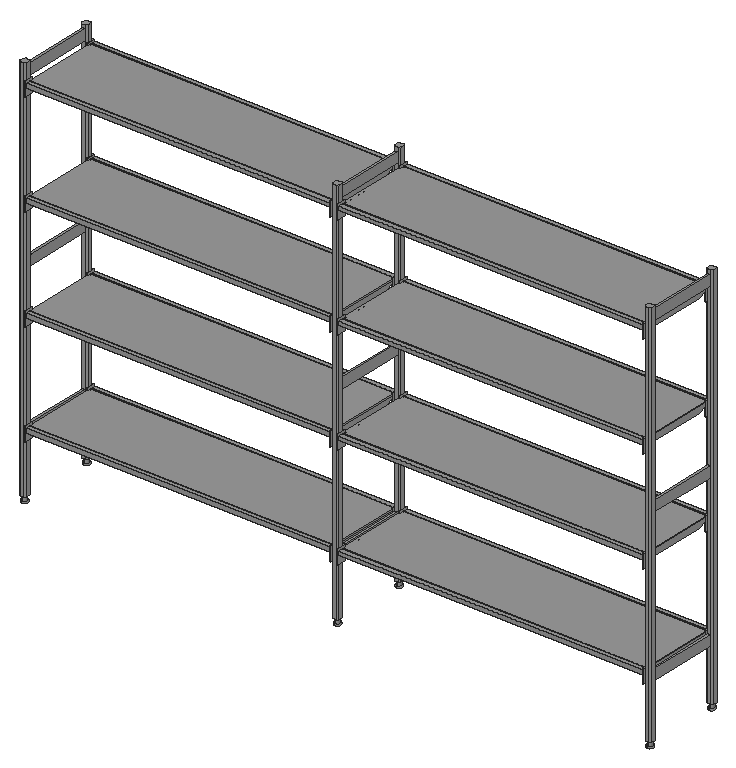
Revit family "QF_ELECTROLUXPROFESSIONAL_137028_ALS2760", category Attrezzature speciali, Revit 2020
Family settings
  Quota connettore circolare = Usa diametro
  Tipo di parte = Normale
  Basato su piano di lavoro = No
  Sempre verticale = Sì
  Taglio con vuoti quando caricato = No
  Condiviso = No
  Punto di calcolo locali = No
Parameters (values of type "Standard")
  Weight = 43.00 kg
  Watts = 0 W
  Volts = 0 V
  URL Manufacturer = "https://www.electroluxprofessional.com/"
  URL = "https://www.electroluxprofessional.com/"
  Steam Supply Size = 0 mm
  Steam Supply Minimum Pressure = 0.0 Pa
  Steam Supply Maximum Pressure = 0.0 Pa
  Steam Consumption per Hour = 0
  Refrigeration Suction Line Size = 0.0 mm
  Refrigeration Liquid Line Size = 0.0 mm
  Refrigerant Compressor Remote = yes
  Prospetto di default = 0.0 mm
  Phase = 0
  Modello = "ALS2760"
  Produttore = "Electrolux Professional"
  Length Actual = 2760.0 mm  # constant formula
  Item Number = "137028"
  Hot Water Size = 0 mm
  Height Actual = 1700.0 mm  # constant formula
  HP = "0 HP"
  Gas Size = 0 mm
  Gas KW = 0
  Gas Input Pressure = 0 W
  Direct Waste Size = 0 mm
  Descrizione = "ALUM.LINEAR SHELV.-POLY.TIERS-373X2760MM"
  Depth Actual = 373.0 mm  # constant formula
  Cycle = 0 Hz
  Condensate Return Size = 0 mm
  Compressed Air Volume = 0.0 L/s
  Compressed Air Size = 0 mm
  Compressed Air Pressure = 0.0 Pa
  Cold Water Size = 0 mm
  Accessory = yes
Reference planes
  plane 1: z = 0
  plane 2 "CenterLeft": x = -31
  plane 3 "LEFT": x = -417
  plane 4 "BACK": y = 23
  plane 5 "FRONT": y = -350
  plane 6 "TOP": z = 1700
  plane 7: x = -385
  plane 8: x = 945
  plane 9 "Center (Front/Back)": y = -163.5
  plane 10: y = -8.5
  plane 11: y = -318.5
  plane 12 "FEET": z = 25
  plane 13: z = 275
  plane 14: z = 725
  plane 15: z = 1175
  plane 16: z = 1625
  plane 17 "CXLeft": x = -403
  plane 18 "Center (Left/Right)": x = 963
  plane 19: y = 5.5
  plane 20 "CYBack": y = 5.5
  plane 21 "CYFront": y = -332.5
  plane 22 "RIGHT": x = 2343
  plane 23: x = 2311
  plane 24 "CXRight": x = 2329
  plane 25: x = 981
Forms (mm)
  Extrusion 1, solid, material "QF_Aluminum"
    sketch origin (-417, 0, -4.006) x (0, 1, 0) y (0, 0, 1)
      loop
        line (-12, 1637.003) -> (4, 1637.003) -> (4, 1655) -> (2.007, 1655) -> (2.007, 1648.501) -> (-329, 1648.501) -> (-329, 1655) -> (-331, 1655) -> (-331, 1637.003) -> (-315, 1637.003) -> (-281, 1625) -> (-46, 1625) -> (-12, 1637.003)
      loop
        line (-12, 1187.003) -> (4, 1187.003) -> (4, 1205) -> (2.007, 1205) -> (2.007, 1198.501) -> (-329, 1198.501) -> (-329, 1205) -> (-331, 1205) -> (-331, 1187.003) -> (-315, 1187.003) -> (-281, 1175) -> (-46, 1175) -> (-12, 1187.003)
      loop
        line (-12, 737.003) -> (4, 737.003) -> (4, 755) -> (2.007, 755) -> (2.007, 748.501) -> (-329, 748.501) -> (-329, 755) -> (-331, 755) -> (-331, 737.003) -> (-315, 737.003) -> (-281, 725) -> (-46, 725) -> (-12, 737.003)
      loop
        line (-12, 287.003) -> (4, 287.003) -> (4, 305) -> (2.007, 305) -> (2.007, 298.501) -> (-329, 298.501) -> (-329, 305) -> (-331, 305) -> (-331, 287.003) -> (-315, 287.003) -> (-281, 275) -> (-46, 275) -> (-12, 287.003)
    from 37 to 32
  Extrusion 2, solid, material "QF_Aluminum"
    sketch origin (-417, 0, 0) x (0, 1, 0) y (0, 0, 1)
      loop
        line (23, 246.005) -> (23, 307.993) -> (-12.993, 307.993) -> (-12.993, 246.005) -> (23, 246.005)
      loop
        line (-350, 246.005) -> (-314.007, 246.005) -> (-314.007, 307.993) -> (-350, 307.993) -> (-350, 246.005)
      loop
        line (23, 696.005) -> (23, 757.993) -> (-12.993, 757.993) -> (-12.993, 696.005) -> (23, 696.005)
      loop
        line (-350, 696.005) -> (-314.007, 696.005) -> (-314.007, 757.993) -> (-350, 757.993) -> (-350, 696.005)
      loop
        line (23, 1146.005) -> (23, 1207.993) -> (-12.993, 1207.993) -> (-12.993, 1146.005) -> (23, 1146.005)
      loop
        line (-350, 1146.005) -> (-314.007, 1146.005) -> (-314.007, 1207.993) -> (-350, 1207.993) -> (-350, 1146.005)
      loop
        line (23, 1596.005) -> (23, 1657.993) -> (-12.993, 1657.993) -> (-12.993, 1596.005) -> (23, 1596.005)
      loop
        line (-350, 1596.005) -> (-314.007, 1596.005) -> (-314.007, 1657.993) -> (-350, 1657.993) -> (-350, 1596.005)
    from 28 to 32
  Extrusion 3, solid, material "QF_Aluminum"
    sketch origin (-417, 0, 0) x (0, 1, 0) y (0, 0, 1)
      loop
        line (4, 1650.994) -> (4, 1632.998) -> (23, 1632.998) -> (23, 1650.994) -> (4, 1650.994)
      loop
        line (-331, 1650.994) -> (-350, 1650.994) -> (-350, 1632.998) -> (-331, 1632.998) -> (-331, 1650.994)
      loop
        line (4, 1200.994) -> (4, 1182.998) -> (23, 1182.998) -> (23, 1200.994) -> (4, 1200.994)
      loop
        line (-331, 1200.994) -> (-350, 1200.994) -> (-350, 1182.998) -> (-331, 1182.998) -> (-331, 1200.994)
      loop
        line (4, 750.994) -> (4, 732.998) -> (23, 732.998) -> (23, 750.994) -> (4, 750.994)
      loop
        line (-331, 750.994) -> (-350, 750.994) -> (-350, 732.998) -> (-331, 732.998) -> (-331, 750.994)
      loop
        line (4, 300.994) -> (4, 282.998) -> (23, 282.998) -> (23, 300.994) -> (4, 300.994)
      loop
        line (-331, 300.994) -> (-350, 300.994) -> (-350, 282.998) -> (-331, 282.998) -> (-331, 300.994)
    from 32 to 1362
  Extrusion 4, solid, material "QF_Polyethylene"
    sketch origin (-417, 0, 0) x (0, 1, 0) y (0, 0, 1)
      loop
        line (2.007, 1650.994) -> (-329, 1650.994) -> (-329, 1644.496) -> (2.007, 1644.496) -> (2.007, 1650.994)
      loop
        line (2.007, 1200.994) -> (-329, 1200.994) -> (-329, 1194.496) -> (2.007, 1194.496) -> (2.007, 1200.994)
      loop
        line (2.007, 750.994) -> (-329, 750.994) -> (-329, 744.496) -> (2.007, 744.496) -> (2.007, 750.994)
      loop
        line (2.007, 300.994) -> (-329, 300.994) -> (-329, 294.496) -> (2.007, 294.496) -> (2.007, 300.994)
    from 32 to 1362
  Extrusion 5, solid, material "QF_Aluminum"
    sketch origin (2343, 0, 0) x (0, 1, 0) y (0, 0, 1)
      loop
        line (4, 1650.994) -> (4, 1632.998) -> (23, 1632.998) -> (23, 1650.994) -> (4, 1650.994)
      loop
        line (-331, 1650.994) -> (-350, 1650.994) -> (-350, 1632.998) -> (-331, 1632.998) -> (-331, 1650.994)
      loop
        line (4, 1200.994) -> (4, 1182.998) -> (23, 1182.998) -> (23, 1200.994) -> (4, 1200.994)
      loop
        line (-331, 1200.994) -> (-350, 1200.994) -> (-350, 1182.998) -> (-331, 1182.998) -> (-331, 1200.994)
      loop
        line (4, 750.994) -> (4, 732.998) -> (23, 732.998) -> (23, 750.994) -> (4, 750.994)
      loop
        line (-331, 750.994) -> (-350, 750.994) -> (-350, 732.998) -> (-331, 732.998) -> (-331, 750.994)
      loop
        line (4, 300.994) -> (4, 282.998) -> (23, 282.998) -> (23, 300.994) -> (4, 300.994)
      loop
        line (-331, 300.994) -> (-350, 300.994) -> (-350, 282.998) -> (-331, 282.998) -> (-331, 300.994)
    from -32 to -1362
  Extrusion 6, solid, material "QF_Polyethylene"
    sketch origin (2343, 0, 0) x (0, 1, 0) y (0, 0, 1)
      loop
        line (2.007, 1650.994) -> (-329, 1650.994) -> (-329, 1644.496) -> (2.007, 1644.496) -> (2.007, 1650.994)
      loop
        line (2.007, 1200.994) -> (-329, 1200.994) -> (-329, 1194.496) -> (2.007, 1194.496) -> (2.007, 1200.994)
      loop
        line (2.007, 750.994) -> (-329, 750.994) -> (-329, 744.496) -> (2.007, 744.496) -> (2.007, 750.994)
      loop
        line (2.007, 300.994) -> (-329, 300.994) -> (-329, 294.496) -> (2.007, 294.496) -> (2.007, 300.994)
    from -32 to -1362
Lines and regions (mm)
  symbolic lines
    curve 1: line (945, 4, 1700) -> (-385, 4, 1700)
    curve 2: line (-408, -8.5, 1700) -> (-408, -318.5, 1700)
    curve 3: line (-398, -318.5, 1700) -> (-398, -8.5, 1700)
    curve 4: line (-389, 23, 1700) -> (949, 23, 1700)
    curve 5: line (-385, -350, 1700) -> (945, -350, 1700)
    curve 6: line (977, 23, 1700) -> (2315, 23, 1700)
    curve 7: line (977, -350, 1700) -> (2315, -350, 1700)
    curve 8: line (-385, -331, 1700) -> (945, -331, 1700)
    curve 9: line (981, -331, 1700) -> (2311, -331, 1700)
    curve 10: line (981, 4, 1700) -> (2311, 4, 1700)
    curve 11: line (2311, -12.993, 1700) -> (2311, -314.007, 1700)
    curve 12: line (945, -12.993, 1700) -> (945, -314.007, 1700)
    curve 13: line (981, -314.007, 1700) -> (981, -12.993, 1700)
    curve 14: line (-385, -12.993, 1700) -> (-385, -314.007, 1700)
Dimensions and locks
  plane 3 "LEFT" to plane 2 "CenterLeft" = 386.0 mm
  locked: plane 6 "TOP" to level at 1700
  locked: plane 4 "BACK" to plane 5 "FRONT" at 373
  locked: plane 7 to plane 8 at 1330
  locked: plane 10 to plane 11 at 310
  equal spacing: plane 10, plane 9 "Center (Front/Back)", plane 11
  equal spacing: plane 4 "BACK", plane 9 "Center (Front/Back)", plane 5 "FRONT"
  plane 12 "FEET" to level = 25.0 mm
  plane 6 "TOP" to plane 12 "FEET" = 1675.0 mm
  plane 13 to plane 12 "FEET" = 250.0 mm
  plane 14 to plane 13 = 450.0 mm
  plane 15 to plane 14 = 450.0 mm
  plane 16 to plane 15 = 450.0 mm
  locked: plane 4 "BACK" to plane 20 "CYBack" at 17.5
  locked: plane 21 "CYFront" to plane 5 "FRONT" at 17.5
  locked: plane 4 "BACK" to Extrusion 1 at 19
  locked: Extrusion 1 to plane 5 "FRONT" at 19
  Extrusion 1 sketch curve to plane 21 "CYFront" = 3.5 mm
  plane 3 "LEFT" to plane 22 "RIGHT" = 2760.0 mm
  locked: plane 25 to plane 23 at 1330
  locked: plane 8 to plane 18 "Center (Left/Right)" at 18
  locked: plane 18 "Center (Left/Right)" to plane 25 at 18
  locked: plane 3 "LEFT" to plane 7 at 32
  locked: plane 24 "CXRight" to plane 22 "RIGHT" at 14
  aligned and locked: level to plane 1
  aligned and locked: plane 7 to Extrusion 1
  aligned and locked: Extrusion 2 to plane 7
  aligned and locked: plane 7 to Extrusion 4
  aligned and locked: Extrusion 4 to plane 8
  aligned and locked: plane 7 to Extrusion 3
  aligned and locked: Extrusion 3 to plane 8
  aligned and locked: Extrusion 3 sketch curve to Extrusion 1
  aligned and locked: Extrusion 1 to Extrusion 3 sketch curve
  aligned and locked: Extrusion 3 sketch curve to Extrusion 3 sketch curve  (x2)
  aligned and locked: Extrusion 1 sketch curve to Extrusion 1 sketch curve  (x3)
  aligned and locked: Extrusion 4 sketch curve to Extrusion 1  (x4)
  aligned and locked: Extrusion 5 sketch curve to Extrusion 5 sketch curve  (x2)
  aligned and locked: Extrusion 5 to plane 25
  aligned and locked: Extrusion 6 to plane 25
  aligned and locked: plane 18 "Center (Left/Right)" to nested 3
  aligned and locked: plane 17 "CXLeft" to nested 1
  aligned and locked: Extrusion 3 to plane 7  (x3)
  aligned and locked: plane 8 to Extrusion 3  (x4)
  aligned and locked: plane 25 to Extrusion 5  (x4)
  aligned and locked: plane 25 to Extrusion 6  (x4)
  aligned and locked: plane 8 to Extrusion 4  (x4)
  aligned and locked: plane 24 "CXRight" to nested 2
  aligned and locked: Extrusion 5 to plane 23
  aligned and locked: Extrusion 6 to plane 23
  aligned and locked: plane 23 to Extrusion 5  (x3)
  aligned and locked: plane 23 to Extrusion 6  (x3)
Automatic sketch dimensions
  plane 21 "CYFront" to Extrusion 1 sketch curve = 1.5 mm  (x4)
  plane 11 to Extrusion 1 sketch curve = 3.5 mm  (x4)
  Extrusion 1 sketch curve to plane 13 = 4.006 mm
  Extrusion 1 sketch curve to Extrusion 1 sketch curve = 34.0 mm  (x4)
  Extrusion 1 sketch curve to plane 14 = 4.006 mm
  Extrusion 1 sketch curve to plane 15 = 4.006 mm
  Extrusion 1 sketch curve to plane 16 = 4.006 mm
  Extrusion 1 sketch curve to plane 10 = 37.5 mm  (x4)
  Extrusion 1 sketch curve to plane 10 = 3.5 mm  (x4)
  plane 19 to Extrusion 1 sketch curve = 3.493 mm  (x4)
  plane 19 to Extrusion 1 sketch curve = 1.5 mm  (x4)
  plane 13 to Extrusion 1 sketch curve = 7.998 mm  (x2)
  Extrusion 1 sketch curve to Extrusion 1 sketch curve = 11.498 mm  (x4)
  Extrusion 1 sketch curve to Extrusion 1 sketch curve = 6.499 mm  (x8)
  plane 14 to Extrusion 1 sketch curve = 7.998 mm  (x2)
  plane 15 to Extrusion 1 sketch curve = 7.998 mm  (x2)
  plane 16 to Extrusion 1 sketch curve = 7.998 mm  (x2)
  Extrusion 2 sketch curve to plane 5 "FRONT" = 0.0 mm  (x4)
  Extrusion 2 sketch curve to plane 4 "BACK" = 0.0 mm  (x4)
  plane 11 to Extrusion 2 sketch curve = 4.493 mm  (x4)
  Extrusion 2 sketch curve to plane 10 = 4.493 mm  (x4)
  Extrusion 2 sketch curve to plane 13 = 28.995 mm  (x2)
  plane 13 to Extrusion 2 sketch curve = 32.993 mm  (x2)
  Extrusion 2 sketch curve to plane 14 = 28.995 mm  (x2)
  plane 14 to Extrusion 2 sketch curve = 32.993 mm  (x2)
  Extrusion 2 sketch curve to plane 15 = 28.995 mm  (x2)
  plane 15 to Extrusion 2 sketch curve = 32.993 mm  (x2)
  Extrusion 2 sketch curve to plane 16 = 28.995 mm  (x2)
  plane 16 to Extrusion 2 sketch curve = 32.993 mm  (x2)
  Extrusion 3 sketch curve to plane 5 "FRONT" = 0.0 mm  (x4)
  Extrusion 3 sketch curve to plane 4 "BACK" = 0.0 mm  (x4)
  plane 19 to Extrusion 3 sketch curve = 1.5 mm  (x4)
  plane 13 to Extrusion 3 sketch curve = 7.998 mm  (x2)
  Extrusion 3 sketch curve to Extrusion 3 sketch curve = 17.997 mm  (x8)
  plane 14 to Extrusion 3 sketch curve = 7.998 mm  (x2)
  plane 15 to Extrusion 3 sketch curve = 7.998 mm  (x2)
  plane 16 to Extrusion 3 sketch curve = 7.998 mm  (x2)
  plane 19 to Extrusion 4 sketch curve = 3.493 mm  (x4)
  plane 13 to Extrusion 4 sketch curve = 19.496 mm
  Extrusion 4 sketch curve to Extrusion 4 sketch curve = 6.499 mm  (x4)
  plane 14 to Extrusion 4 sketch curve = 19.496 mm
  plane 15 to Extrusion 4 sketch curve = 19.496 mm
  plane 16 to Extrusion 4 sketch curve = 19.496 mm
  Extrusion 5 sketch curve to plane 5 "FRONT" = 0.0 mm  (x4)
  Extrusion 5 sketch curve to plane 4 "BACK" = 0.0 mm  (x4)
  plane 21 "CYFront" to Extrusion 5 sketch curve = 1.5 mm  (x2)
  plane 19 to Extrusion 5 sketch curve = 1.5 mm  (x4)
  plane 13 to Extrusion 5 sketch curve = 7.998 mm  (x2)
  Extrusion 5 sketch curve to Extrusion 5 sketch curve = 17.997 mm  (x8)
  plane 14 to Extrusion 5 sketch curve = 7.998 mm  (x2)
  plane 15 to Extrusion 5 sketch curve = 7.998 mm  (x2)
  plane 16 to Extrusion 5 sketch curve = 7.998 mm  (x2)
  plane 21 "CYFront" to Extrusion 6 sketch curve = 3.5 mm  (x4)
  plane 19 to Extrusion 6 sketch curve = 3.493 mm  (x4)
  plane 13 to Extrusion 6 sketch curve = 19.496 mm
  Extrusion 6 sketch curve to Extrusion 6 sketch curve = 6.499 mm  (x4)
  plane 14 to Extrusion 6 sketch curve = 19.496 mm
  plane 15 to Extrusion 6 sketch curve = 19.496 mm
  plane 16 to Extrusion 6 sketch curve = 19.496 mm
  curve 7 to plane 5 "FRONT" = 0.0 mm
  curve 5 to plane 5 "FRONT" = 0.0 mm
  curve 8 to plane 8 = 0.0 mm
  curve 9 to plane 25 = 0.0 mm
  curve 9 to plane 23 = 0.0 mm
  curve 8 to plane 7 = 0.0 mm
  curve 2 to plane 11 = 0.0 mm
  curve 3 to plane 11 = 0.0 mm
  curve 14 to plane 7 = 0.0 mm
  curve 13 to plane 25 = 0.0 mm
  curve 12 to plane 8 = 0.0 mm
  curve 11 to plane 23 = 0.0 mm
  curve 3 to plane 10 = 0.0 mm
  curve 2 to plane 10 = 0.0 mm
  curve 1 to plane 8 = 0.0 mm
  curve 1 to plane 7 = 0.0 mm
  curve 10 to plane 23 = 0.0 mm
  curve 10 to plane 25 = 0.0 mm
  curve 4 to plane 4 "BACK" = 0.0 mm
  curve 6 to plane 4 "BACK" = 0.0 mm
  curve 5 to plane 8 = 0.0 mm
  curve 5 to plane 7 = 0.0 mm
  plane 21 "CYFront" to curve 8 = 1.5 mm
  plane 21 "CYFront" to curve 9 = 1.5 mm
  plane 11 to curve 14 = 4.493 mm
  plane 11 to curve 13 = 4.493 mm
  plane 11 to curve 12 = 4.493 mm
  plane 11 to curve 11 = 4.493 mm
  curve 14 to plane 10 = 4.493 mm
  curve 13 to plane 10 = 4.493 mm
  curve 12 to plane 10 = 4.493 mm
  curve 11 to plane 10 = 4.493 mm
  plane 19 to curve 1 = 1.5 mm
  plane 19 to curve 10 = 1.5 mm
  curve 6 to plane 23 = 4.0 mm
  curve 7 to plane 23 = 4.0 mm
  curve 6 to plane 25 = 4.0 mm
  curve 7 to plane 25 = 4.0 mm
  curve 4 to plane 8 = 4.0 mm
  plane 7 to curve 4 = 4.0 mm
  plane 17 "CXLeft" to curve 3 = 5.0 mm
  curve 2 to plane 17 "CXLeft" = 5.0 mm
Nested families
  nested 1: "WT_Anta373" at (0, 0, 0), type "WT_Anta373"
  nested 2: "WT_Anta373" at (1926, 0, 0) x (-1, 0, 0) z (0, 0, 1), type "WT_Anta373"
  nested 3: "WT_Anta373Center" at (1366, 0, 0), type "WT_Anta373Center"
Definition of nested family "WT_Anta373"
  Parameters
    WidthLeft = A + 64.0 mm  # 772.0 mm
    Width = 1606.0 mm
    Right = WidthLeft / 2  # 386.0 mm
    Default Elevation = 0.0 mm
    Left = -WidthLeft / 2  # -386.0 mm
    Height = 1725.0 mm
    FEET = 25.0 mm
    E = 0.0 mm
    Dint = Depth - 63.0 mm  # 310.0 mm
    Dext = Depth - 8.0 mm  # 365.0 mm
    Depth = 373.0 mm
    DX = (WidthLeft - A) / 2  # 32.0 mm
    B = 798.0 mm
    A = 708.0 mm
  Reference planes
    plane 1: z = 0
    plane 2 "LEFT": x = -417
    plane 3 "BACK": y = 23
    plane 4 "FRONT": y = -350
    plane 5 "TOP": z = 1725
    plane 6 "Center (Front/Back)": y = -163.5
    plane 7: y = -8.5
    plane 8: y = -318.5
    plane 9 "FEET": z = 25
    plane 10: z = 275
    plane 11: z = 725
    plane 12: z = 1175
    plane 13: z = 1625
    plane 14 "CXLeft": x = -403
    plane 15: y = 5.5
    plane 16 "CYBack": y = 5.5
    plane 17 "CYFront": y = -332.5
    plane 18: x = -385.031
    plane 19: x = -380.031
  Forms (mm)
    Extrusion 1, solid
      sketch origin (0, 0, 0) x (1, 0, 0) y (0, 1, 0)
        loop
          line (-417, 13.246) -> (-417, -2.246) -> (-410.746, -8.5) -> (-395.254, -8.5) -> (-389, -2.246) -> (-389, 13.246) -> (-395.254, 19.5) -> (-410.746, 19.5) -> (-417, 13.246)
      from 1725 to 25
    Extrusion 2, solid
      sketch origin (-417, 0, 0) x (0, 1, 0) y (0, 0, 1)
        loop
          line (23, 246.005) -> (23, 307.993) -> (-12.993, 307.993) -> (-12.993, 246.005) -> (23, 246.005)
        loop
          line (-350, 246.005) -> (-314.007, 246.005) -> (-314.007, 307.993) -> (-350, 307.993) -> (-350, 246.005)
        loop
          line (23, 696.005) -> (23, 757.993) -> (-12.993, 757.993) -> (-12.993, 696.005) -> (23, 696.005)
        loop
          line (-350, 696.005) -> (-314.007, 696.005) -> (-314.007, 757.993) -> (-350, 757.993) -> (-350, 696.005)
        loop
          line (23, 1146.005) -> (23, 1207.993) -> (-12.993, 1207.993) -> (-12.993, 1146.005) -> (23, 1146.005)
        loop
          line (-350, 1146.005) -> (-314.007, 1146.005) -> (-314.007, 1207.993) -> (-350, 1207.993) -> (-350, 1146.005)
        loop
          line (23, 1596.005) -> (23, 1657.993) -> (-12.993, 1657.993) -> (-12.993, 1596.005) -> (23, 1596.005)
        loop
          line (-350, 1596.005) -> (-314.007, 1596.005) -> (-314.007, 1657.993) -> (-350, 1657.993) -> (-350, 1596.005)
      from 28 to 32
    Revolve 3, solid
      sketch origin (-403, 0, 0) x (0, 1, 0) y (0, 0, 1)
        loop
          line (5.5, 25) -> (5.5, 0) -> (19, 0) -> (19, 5) -> (14, 5) -> (14, 25) -> (5.5, 25)
        axis (5.5, 25) -> (5.5, 0)
      angle from 0 to 360
    Extrusion 4, solid
      sketch origin (-403, 0, 0) x (0, 1, 0) y (0, 0, 1)
        loop
          line (-8.5, 912.382) -> (-8.5, 957.374) -> (-318.5, 957.374) -> (-318.5, 912.382) -> (-8.5, 912.382)
        loop
          line (-8.5, 1662.244) -> (-8.5, 1707.236) -> (-318.5, 1707.236) -> (-318.5, 1662.244) -> (-8.5, 1662.244)
      from -5 to 5
    Revolve 5, solid
      sketch origin (-403, -627, 0) x (0, -1, 0) y (0, 0, 1)
        loop
          line (-294.5, 25) -> (-294.5, 0) -> (-281, 0) -> (-281, 5) -> (-286, 5) -> (-286, 25) -> (-294.5, 25)
        axis (-294.5, 25) -> (-294.5, 0)
      angle from 0 to 360
    Extrusion 6, solid
      sketch origin (0, -627, 0) x (1, 0, 0) y (0, 1, 0)
        loop
          line (-417, 286.754) -> (-410.746, 280.5) -> (-395.254, 280.5) -> (-389, 286.754) -> (-389, 302.246) -> (-395.254, 308.5) -> (-410.746, 308.5) -> (-417, 302.246) -> (-417, 286.754)
      from 1725 to 25
    Extrusion 7, solid
      sketch origin (-417.031, -0.022, 0) x (0, 1, 0) y (0, 0, -1)
        loop
          line (-12, -1632.998) -> (-46, -1620.994) -> (-281, -1620.994) -> (-315, -1632.998) -> (-331, -1632.998) -> (-331, -1650.994) -> (-329, -1650.994) -> (-329, -1644.496) -> (2.007, -1644.496) -> (2.007, -1650.994) -> (4, -1650.994) -> (4, -1632.998) -> (-12, -1632.998)
        loop
          line (-12, -1182.998) -> (-46, -1170.994) -> (-281, -1170.994) -> (-315, -1182.998) -> (-331, -1182.998) -> (-331, -1200.994) -> (-329, -1200.994) -> (-329, -1194.496) -> (2.007, -1194.496) -> (2.007, -1200.994) -> (4, -1200.994) -> (4, -1182.998) -> (-12, -1182.998)
        loop
          line (-12, -732.998) -> (-46, -720.994) -> (-281, -720.994) -> (-315, -732.998) -> (-331, -732.998) -> (-331, -750.994) -> (-329, -750.994) -> (-329, -744.496) -> (2.007, -744.496) -> (2.007, -750.994) -> (4, -750.994) -> (4, -732.998) -> (-12, -732.998)
        loop
          line (-12, -282.998) -> (-46, -270.994) -> (-281, -270.994) -> (-315, -282.998) -> (-331, -282.998) -> (-331, -300.994) -> (-329, -300.994) -> (-329, -294.496) -> (2.007, -294.496) -> (2.007, -300.994) -> (4, -300.994) -> (4, -282.998) -> (-12, -282.998)
      from -32 to -37
    Extrusion 8, solid
      sketch origin (-403, 0, -659.878) x (0, 1, 0) y (0, 0, 1)
        loop
          line (-8.5, 912.382) -> (-8.5, 957.374) -> (-318.5, 957.374) -> (-318.5, 912.382) -> (-8.5, 912.382)
        loop
          line (-8.5, 1572.382) -> (-8.5, 1617.374) -> (-318.5, 1617.374) -> (-318.5, 1572.382) -> (-8.5, 1572.382)
        loop
          line (-8.5, 2322.382) -> (-8.5, 2367.374) -> (-318.5, 2367.374) -> (-318.5, 2322.382) -> (-8.5, 2322.382)
      from -5 to 5
  Lines and regions (mm)
    symbolic lines
      curve 1: line (-408, -8.5, 1725) -> (-408, -318.5, 1725)
      curve 2: line (-398, -318.5, 1725) -> (-398, -8.5, 1725)
      curve 3: line (-395.254, -8.5, 1725) -> (-410.746, -8.5, 1725)
      curve 4: line (-417, -2.246, 1725) -> (-410.746, -8.5, 1725)
      curve 5: line (-417, 13.246, 1725) -> (-417, -2.246, 1725)
      curve 6: line (-410.746, 19.5, 1725) -> (-417, 13.246, 1725)
      curve 7: line (-395.254, 19.5, 1725) -> (-410.746, 19.5, 1725)
      curve 8: line (-389, 13.246, 1725) -> (-395.254, 19.5, 1725)
      curve 9: line (-395.254, -8.5, 1725) -> (-389, -2.246, 1725)
      curve 10: line (-395.254, -318.5, 1725) -> (-410.746, -318.5, 1725)
      curve 11: line (-417, -324.754, 1725) -> (-410.746, -318.5, 1725)
      curve 12: line (-410.746, -346.5, 1725) -> (-417, -340.246, 1725)
      curve 13: line (-395.254, -346.5, 1725) -> (-410.746, -346.5, 1725)
      curve 14: line (-389, -340.246, 1725) -> (-395.254, -346.5, 1725)
      curve 15: line (-395.254, -318.5, 1725) -> (-389, -324.754, 1725)
      curve 16: line (-389, -350, 1725) -> (-389, -314.007, 1725)
      curve 17: line (-389, -314.007, 1725) -> (-385, -314.007, 1725)
      curve 18: line (-389, 23, 1725) -> (-389, -12.993, 1725)
      curve 19: line (-389, -12.993, 1725) -> (-385, -12.993, 1725)
      curve 20: line (-417, -324.754, 1725) -> (-417, -340.246, 1725)
      curve 21: line (-385, -350, 1725) -> (-385, -314.007, 1725)
      curve 22: line (-385, -350, 1725) -> (-389, -350, 1725)
      curve 23: line (-385, 23, 1725) -> (-389, 23, 1725)
      curve 24: line (-385, -12.993, 1725) -> (-385, 23, 1725)
      curve 25: line (-385.031, -13.016, 1725) -> (-385.031, -314.029, 1725)
  Dimensions and locks
    "Height": plane 5 "TOP" to level
    "Depth": plane 3 "BACK" to plane 4 "FRONT"
    "Dint": plane 7 to plane 8
    equal spacing: plane 7, plane 6 "Center (Front/Back)", plane 8
    equal spacing: plane 3 "BACK", plane 6 "Center (Front/Back)", plane 4 "FRONT"
    plane 9 "FEET" to level = 25.0 mm
    plane 5 "TOP" to plane 9 "FEET" = 1700.0 mm
    plane 10 to plane 9 "FEET" = 250.0 mm
    plane 11 to plane 10 = 450.0 mm
    plane 12 to plane 11 = 450.0 mm
    plane 13 to plane 12 = 450.0 mm
    locked: plane 2 "LEFT" to plane 14 "CXLeft" at 14
    locked: plane 3 "BACK" to plane 16 "CYBack" at 17.5
    locked: plane 17 "CYFront" to plane 4 "FRONT" at 17.5
    locked: Revolve 3 sketch curve to Revolve 3 sketch curve at 8.5
    locked: Revolve 3 sketch curve to plane 16 "CYBack" at 13.5
    locked: Revolve 5 sketch curve to Revolve 5 sketch curve at 8.5
    aligned and locked: level to plane 1
    aligned and locked: curve 20 to Extrusion 6
    aligned and locked: plane 5 "TOP" to Extrusion 1
    aligned and locked: plane 5 "TOP" to Extrusion 6
    aligned and locked: Extrusion 7 sketch curve to Extrusion 7 sketch curve  (x3)
  Automatic sketch dimensions
    curve 16 to plane 4 "FRONT" = 0.0 mm
    curve 11 to plane 8 = 0.0 mm
    curve 9 to plane 7 = 0.0 mm
    curve 5 to plane 2 "LEFT" = 0.0 mm
    curve 23 to plane 3 "BACK" = 0.0 mm
    plane 4 "FRONT" to curve 13 = 3.5 mm
    curve 20 to plane 17 "CYFront" = 7.746 mm
    curve 20 to plane 8 = 6.254 mm
    plane 8 to curve 16 = 4.493 mm
    curve 24 to plane 18 = 0.031 mm
    curve 24 to plane 7 = 4.493 mm
    plane 7 to curve 5 = 6.254 mm
    curve 5 to plane 15 = 7.746 mm
    curve 6 to plane 3 "BACK" = 3.5 mm
    curve 21 to plane 18 = 0.031 mm
    plane 18 to curve 23 = 3.969 mm
    plane 18 to curve 16 = 3.969 mm
    curve 18 to curve 8 = 6.254 mm
    curve 18 to curve 3 = 6.254 mm
    curve 16 to curve 13 = 6.254 mm
    curve 16 to curve 15 = 6.254 mm
    plane 2 "LEFT" to curve 10 = 6.254 mm
    plane 2 "LEFT" to curve 7 = 6.254 mm
    plane 2 "LEFT" to curve 12 = 6.254 mm
    plane 2 "LEFT" to curve 3 = 6.254 mm
    curve 14 to plane 17 "CYFront" = 7.746 mm
    curve 15 to plane 8 = 6.254 mm
    plane 7 to curve 9 = 6.254 mm
    curve 8 to plane 15 = 7.746 mm
    curve 3 to curve 2 = 2.746 mm
    curve 1 to curve 10 = 2.746 mm
    Extrusion 1 sketch curve to plane 2 "LEFT" = 0.0 mm
    Extrusion 1 sketch curve to plane 7 = 0.0 mm
    plane 2 "LEFT" to Extrusion 1 sketch curve = 6.254 mm  (x2)
    plane 14 "CXLeft" to Extrusion 1 sketch curve = 7.746 mm  (x2)
    Extrusion 1 sketch curve to plane 3 "BACK" = 3.5 mm
    plane 18 to Extrusion 1 sketch curve = 3.969 mm
    plane 7 to Extrusion 1 sketch curve = 6.254 mm  (x2)
    Extrusion 1 sketch curve to plane 15 = 7.746 mm  (x2)
    Extrusion 2 sketch curve to plane 4 "FRONT" = 0.0 mm  (x4)
    Extrusion 2 sketch curve to plane 3 "BACK" = 0.0 mm  (x4)
    plane 8 to Extrusion 2 sketch curve = 4.493 mm  (x4)
    Extrusion 2 sketch curve to plane 7 = 4.493 mm  (x4)
    Extrusion 2 sketch curve to plane 10 = 28.995 mm  (x2)
    plane 10 to Extrusion 2 sketch curve = 32.993 mm  (x2)
    Extrusion 2 sketch curve to plane 11 = 28.995 mm  (x2)
    plane 11 to Extrusion 2 sketch curve = 32.993 mm  (x2)
    Extrusion 2 sketch curve to plane 12 = 28.995 mm  (x2)
    plane 12 to Extrusion 2 sketch curve = 32.993 mm  (x2)
    Extrusion 2 sketch curve to plane 13 = 28.995 mm  (x2)
    plane 13 to Extrusion 2 sketch curve = 32.993 mm  (x2)
    Revolve 3 sketch curve to plane 9 "FEET" = 0.0 mm  (x2)
    Revolve 3 sketch curve to plane 15 = 0.0 mm  (x2)
    Revolve 3 sketch curve to level = 0.0 mm
    level to Revolve 3 sketch curve = 5.0 mm
    Revolve 3 sketch curve to Revolve 3 sketch curve = 11.655 mm
    Extrusion 4 sketch curve to plane 8 = 0.0 mm  (x2)
    Extrusion 4 sketch curve to plane 7 = 0.0 mm  (x2)
    plane 11 to Extrusion 4 sketch curve = 187.382 mm
    Extrusion 4 sketch curve to Extrusion 4 sketch curve = 44.992 mm
    plane 13 to Extrusion 4 sketch curve = 37.244 mm
    Extrusion 4 sketch curve to plane 5 "TOP" = 17.764 mm
    Revolve 5 sketch curve to plane 9 "FEET" = 0.0 mm  (x2)
    Revolve 5 sketch curve to plane 17 "CYFront" = 0.0 mm  (x2)
    Revolve 5 sketch curve to level = 0.0 mm
    Revolve 5 sketch curve to plane 4 "FRONT" = 4.0 mm
    Revolve 5 sketch curve to Revolve 5 sketch curve = 5.0 mm
    level to Revolve 5 sketch curve = 11.655 mm
    Extrusion 6 sketch curve to plane 2 "LEFT" = 0.0 mm
    Extrusion 6 sketch curve to plane 8 = 0.0 mm
    Extrusion 6 sketch curve to plane 2 "LEFT" = 6.254 mm  (x2)
    Extrusion 6 sketch curve to plane 14 "CXLeft" = 7.746 mm  (x2)
    Extrusion 6 sketch curve to plane 4 "FRONT" = 3.5 mm
    Extrusion 6 sketch curve to plane 18 = 3.969 mm
    plane 8 to Extrusion 6 sketch curve = 6.254 mm  (x2)
    plane 17 "CYFront" to Extrusion 6 sketch curve = 7.746 mm  (x2)
    plane 17 "CYFront" to Extrusion 7 sketch curve = 1.478 mm  (x4)
    Extrusion 7 sketch curve to Extrusion 7 sketch curve = 2.0 mm
    plane 8 to Extrusion 7 sketch curve = 3.478 mm  (x4)
    Extrusion 7 sketch curve to plane 10 = 4.006 mm
    Extrusion 7 sketch curve to Extrusion 7 sketch curve = 34.0 mm  (x4)
    Extrusion 7 sketch curve to plane 11 = 4.006 mm
    Extrusion 7 sketch curve to plane 12 = 4.006 mm
    Extrusion 7 sketch curve to plane 13 = 4.006 mm
    Extrusion 7 sketch curve to plane 7 = 37.522 mm  (x4)
    Extrusion 7 sketch curve to plane 7 = 3.522 mm  (x4)
    plane 15 to Extrusion 7 sketch curve = 3.516 mm  (x4)
    plane 15 to Extrusion 7 sketch curve = 1.522 mm  (x4)
    plane 13 to Extrusion 7 sketch curve = 7.998 mm  (x2)
    Extrusion 7 sketch curve to Extrusion 7 sketch curve = 11.498 mm
    Extrusion 7 sketch curve to Extrusion 7 sketch curve = 6.499 mm  (x5)
    plane 12 to Extrusion 7 sketch curve = 25.994 mm  (x2)
    plane 12 to Extrusion 7 sketch curve = 7.998 mm  (x2)
    plane 11 to Extrusion 7 sketch curve = 25.994 mm  (x2)
    plane 11 to Extrusion 7 sketch curve = 7.998 mm  (x2)
    plane 10 to Extrusion 7 sketch curve = 25.994 mm  (x2)
    plane 10 to Extrusion 7 sketch curve = 7.998 mm  (x2)
    curve 25 to plane 18 = 0.0 mm
    plane 8 to curve 25 = 4.471 mm
    curve 25 to plane 7 = 4.516 mm
    Extrusion 8 sketch curve to plane 8 = 0.0 mm  (x3)
    Extrusion 8 sketch curve to plane 7 = 0.0 mm  (x3)
    Extrusion 8 sketch curve to plane 10 = 22.496 mm
    plane 10 to Extrusion 8 sketch curve = 22.496 mm
    plane 11 to Extrusion 8 sketch curve = 187.504 mm
    Extrusion 8 sketch curve to Extrusion 8 sketch curve = 44.992 mm
    plane 13 to Extrusion 8 sketch curve = 37.504 mm
    Extrusion 8 sketch curve to plane 5 "TOP" = 17.504 mm
Definition of nested family "WT_Anta373Center"
  Parameters
    WidthLeft = A + 64.0 mm  # 772.0 mm
    Width = 1606.0 mm
    Right = WidthLeft / 2  # 386.0 mm
    Default Elevation = 0.0 mm
    Left = -WidthLeft / 2  # -386.0 mm
    Height = 1725.0 mm
    FEET = 25.0 mm
    E = 0.0 mm
    Dint = Depth - 63.0 mm  # 310.0 mm
    Dext = Depth - 8.0 mm  # 365.0 mm
    Depth = 373.0 mm
    DX = (WidthLeft - A) / 2  # 32.0 mm
    B = 798.0 mm
    A = 708.0 mm
  Reference planes
    plane 1: z = 0
    plane 2 "L": x = -417
    plane 3 "BACK": y = 23
    plane 4 "FRONT": y = -350
    plane 5 "TOP": z = 1725
    plane 6 "Center (Front/Back)": y = -163.5
    plane 7: y = -8.5
    plane 8: y = -318.5
    plane 9 "FEET": z = 25
    plane 10: z = 275
    plane 11: z = 725
    plane 12: z = 1175
    plane 13: z = 1625
    plane 14 "CXLeft": x = -403
    plane 15: y = 5.5
    plane 16 "CYBack": y = 5.5
    plane 17 "CYFront": y = -332.5
    plane 18: x = -385.031
    plane 19 "RIGHT": x = -380.031
    plane 20: x = -420.969
    plane 21 "LEFT": x = -425.969
  Forms (mm)
    Extrusion 1, solid
      sketch origin (0, 0, 0) x (1, 0, 0) y (0, 1, 0)
        loop
          line (-417, 13.246) -> (-417, -2.246) -> (-410.746, -8.5) -> (-395.254, -8.5) -> (-389, -2.246) -> (-389, 13.246) -> (-395.254, 19.5) -> (-410.746, 19.5) -> (-417, 13.246)
      from 1725 to 25
    Extrusion 2, solid
      sketch origin (-417, 0, 0) x (0, 1, 0) y (0, 0, 1)
        loop
          line (23, 246.005) -> (23, 307.993) -> (-12.993, 307.993) -> (-12.993, 246.005) -> (23, 246.005)
        loop
          line (-350, 246.005) -> (-314.007, 246.005) -> (-314.007, 307.993) -> (-350, 307.993) -> (-350, 246.005)
        loop
          line (23, 696.005) -> (23, 757.993) -> (-12.993, 757.993) -> (-12.993, 696.005) -> (23, 696.005)
        loop
          line (-350, 696.005) -> (-314.007, 696.005) -> (-314.007, 757.993) -> (-350, 757.993) -> (-350, 696.005)
        loop
          line (23, 1146.005) -> (23, 1207.993) -> (-12.993, 1207.993) -> (-12.993, 1146.005) -> (23, 1146.005)
        loop
          line (-350, 1146.005) -> (-314.007, 1146.005) -> (-314.007, 1207.993) -> (-350, 1207.993) -> (-350, 1146.005)
        loop
          line (23, 1596.005) -> (23, 1657.993) -> (-12.993, 1657.993) -> (-12.993, 1596.005) -> (23, 1596.005)
        loop
          line (-350, 1596.005) -> (-314.007, 1596.005) -> (-314.007, 1657.993) -> (-350, 1657.993) -> (-350, 1596.005)
      from 28 to 32
    Revolve 3, solid
      sketch origin (-403, 0, 0) x (0, 1, 0) y (0, 0, 1)
        loop
          line (5.5, 25) -> (5.5, 0) -> (19, 0) -> (19, 5) -> (14, 5) -> (14, 25) -> (5.5, 25)
        axis (5.5, 25) -> (5.5, 0)
      angle from 0 to 360
    Extrusion 4, solid
      sketch origin (-403, 0, 0) x (0, 1, 0) y (0, 0, 1)
        loop
          line (-8.5, 912.382) -> (-8.5, 957.374) -> (-318.5, 957.374) -> (-318.5, 912.382) -> (-8.5, 912.382)
        loop
          line (-8.5, 1662.244) -> (-8.5, 1707.236) -> (-318.5, 1707.236) -> (-318.5, 1662.244) -> (-8.5, 1662.244)
      from -5 to 5
    Revolve 5, solid
      sketch origin (-403, -627, 0) x (0, -1, 0) y (0, 0, 1)
        loop
          line (-294.5, 25) -> (-294.5, 0) -> (-281, 0) -> (-281, 5) -> (-286, 5) -> (-286, 25) -> (-294.5, 25)
        axis (-294.5, 25) -> (-294.5, 0)
      angle from 0 to 360
    Extrusion 6, solid
      sketch origin (0, -627, 0) x (1, 0, 0) y (0, 1, 0)
        loop
          line (-417, 286.754) -> (-410.746, 280.5) -> (-395.254, 280.5) -> (-389, 286.754) -> (-389, 302.246) -> (-395.254, 308.5) -> (-410.746, 308.5) -> (-417, 302.246) -> (-417, 286.754)
      from 1725 to 25
    Extrusion 7, solid
      sketch origin (-417.031, -0.022, 0) x (0, 1, 0) y (0, 0, -1)
        loop
          line (-12, -1632.998) -> (-46, -1620.994) -> (-281, -1620.994) -> (-315, -1632.998) -> (-331, -1632.998) -> (-331, -1650.994) -> (-329, -1650.994) -> (-329, -1644.496) -> (2.007, -1644.496) -> (2.007, -1650.994) -> (4, -1650.994) -> (4, -1632.998) -> (-12, -1632.998)
        loop
          line (-12, -1182.998) -> (-46, -1170.994) -> (-281, -1170.994) -> (-315, -1182.998) -> (-331, -1182.998) -> (-331, -1200.994) -> (-329, -1200.994) -> (-329, -1194.496) -> (2.007, -1194.496) -> (2.007, -1200.994) -> (4, -1200.994) -> (4, -1182.998) -> (-12, -1182.998)
        loop
          line (-12, -732.998) -> (-46, -720.994) -> (-281, -720.994) -> (-315, -732.998) -> (-331, -732.998) -> (-331, -750.994) -> (-329, -750.994) -> (-329, -744.496) -> (2.007, -744.496) -> (2.007, -750.994) -> (4, -750.994) -> (4, -732.998) -> (-12, -732.998)
        loop
          line (-12, -282.998) -> (-46, -270.994) -> (-281, -270.994) -> (-315, -282.998) -> (-331, -282.998) -> (-331, -300.994) -> (-329, -300.994) -> (-329, -294.496) -> (2.007, -294.496) -> (2.007, -300.994) -> (4, -300.994) -> (4, -282.998) -> (-12, -282.998)
      from -32 to -37
    Extrusion 8, solid
      sketch origin (-403, 0, -659.878) x (0, 1, 0) y (0, 0, 1)
        loop
          line (-8.5, 912.382) -> (-8.5, 957.374) -> (-318.5, 957.374) -> (-318.5, 912.382) -> (-8.5, 912.382)
        loop
          line (-8.5, 1572.382) -> (-8.5, 1617.374) -> (-318.5, 1617.374) -> (-318.5, 1572.382) -> (-8.5, 1572.382)
        loop
          line (-8.5, 2322.382) -> (-8.5, 2367.374) -> (-318.5, 2367.374) -> (-318.5, 2322.382) -> (-8.5, 2322.382)
      from -5 to 5
    Extrusion 9, solid
      sketch origin (-389, 0, 0) x (0, 1, 0) y (0, 0, -1)
        loop
          line (23, -246.005) -> (-12.993, -246.005) -> (-12.993, -307.993) -> (23, -307.993) -> (23, -246.005)
        loop
          line (-350, -246.005) -> (-350, -307.993) -> (-314.007, -307.993) -> (-314.007, -246.005) -> (-350, -246.005)
        loop
          line (23, -696.005) -> (-12.993, -696.005) -> (-12.993, -757.993) -> (23, -757.993) -> (23, -696.005)
        loop
          line (-350, -696.005) -> (-350, -757.993) -> (-314.007, -757.993) -> (-314.007, -696.005) -> (-350, -696.005)
        loop
          line (23, -1146.005) -> (-12.993, -1146.005) -> (-12.993, -1207.993) -> (23, -1207.993) -> (23, -1146.005)
        loop
          line (-350, -1146.005) -> (-350, -1207.993) -> (-314.007, -1207.993) -> (-314.007, -1146.005) -> (-350, -1146.005)
        loop
          line (23, -1596.005) -> (-12.993, -1596.005) -> (-12.993, -1657.993) -> (23, -1657.993) -> (23, -1596.005)
        loop
          line (-350, -1596.005) -> (-350, -1657.993) -> (-314.007, -1657.993) -> (-314.007, -1596.005) -> (-350, -1596.005)
      from 28 to 32
    Extrusion 10, solid
      sketch origin (-388.969, -0.022, 0) x (0, 1, 0) y (0, 0, 1)
        loop
          line (-12, 1632.998) -> (4, 1632.998) -> (4, 1650.994) -> (2.007, 1650.994) -> (2.007, 1644.496) -> (-329, 1644.496) -> (-329, 1650.994) -> (-331, 1650.994) -> (-331, 1632.998) -> (-315, 1632.998) -> (-281, 1620.994) -> (-46, 1620.994) -> (-12, 1632.998)
        loop
          line (-12, 1182.998) -> (4, 1182.998) -> (4, 1200.994) -> (2.007, 1200.994) -> (2.007, 1194.496) -> (-329, 1194.496) -> (-329, 1200.994) -> (-331, 1200.994) -> (-331, 1182.998) -> (-315, 1182.998) -> (-281, 1170.994) -> (-46, 1170.994) -> (-12, 1182.998)
        loop
          line (-12, 732.998) -> (4, 732.998) -> (4, 750.994) -> (2.007, 750.994) -> (2.007, 744.496) -> (-329, 744.496) -> (-329, 750.994) -> (-331, 750.994) -> (-331, 732.998) -> (-315, 732.998) -> (-281, 720.994) -> (-46, 720.994) -> (-12, 732.998)
        loop
          line (-12, 282.998) -> (4, 282.998) -> (4, 300.994) -> (2.007, 300.994) -> (2.007, 294.496) -> (-329, 294.496) -> (-329, 300.994) -> (-331, 300.994) -> (-331, 282.998) -> (-315, 282.998) -> (-281, 270.994) -> (-46, 270.994) -> (-12, 282.998)
      from -32 to -37
  Lines and regions (mm)
    symbolic lines
      curve 1: line (-408, -8.5, 1725) -> (-408, -318.5, 1725)
      curve 2: line (-398, -318.5, 1725) -> (-398, -8.5, 1725)
      curve 3: line (-395.254, -8.5, 1725) -> (-410.746, -8.5, 1725)
      curve 4: line (-417, -2.246, 1725) -> (-410.746, -8.5, 1725)
      curve 5: line (-410.746, 19.5, 1725) -> (-417, 13.246, 1725)
      curve 6: line (-395.254, 19.5, 1725) -> (-410.746, 19.5, 1725)
      curve 7: line (-389, 13.246, 1725) -> (-395.254, 19.5, 1725)
      curve 8: line (-395.254, -8.5, 1725) -> (-389, -2.246, 1725)
      curve 9: line (-395.254, -318.5, 1725) -> (-410.746, -318.5, 1725)
      curve 10: line (-417, -324.754, 1725) -> (-410.746, -318.5, 1725)
      curve 11: line (-410.746, -346.5, 1725) -> (-417, -340.246, 1725)
      curve 12: line (-395.254, -346.5, 1725) -> (-410.746, -346.5, 1725)
      curve 13: line (-389, -340.246, 1725) -> (-395.254, -346.5, 1725)
      curve 14: line (-395.254, -318.5, 1725) -> (-389, -324.754, 1725)
      curve 15: line (-389, -350, 1725) -> (-389, -314.007, 1725)
      curve 16: line (-389, -314.007, 1725) -> (-385, -314.007, 1725)
      curve 17: line (-389, 23, 1725) -> (-389, -12.993, 1725)
      curve 18: line (-389, -12.993, 1725) -> (-385, -12.993, 1725)
      curve 19: line (-385, -350, 1725) -> (-385, -314.007, 1725)
      curve 20: line (-385, -350, 1725) -> (-389, -350, 1725)
      curve 21: line (-385, 23, 1725) -> (-389, 23, 1725)
      curve 22: line (-385, -12.993, 1725) -> (-385, 23, 1725)
      curve 23: line (-385.031, -13.016, 1725) -> (-385.031, -314.029, 1725)
      curve 24: line (-417, -350, 1725) -> (-417, -314.007, 1725)
      curve 25: line (-417, -314.007, 1725) -> (-421, -314.007, 1725)
      curve 26: line (-417, 23, 1725) -> (-417, -12.993, 1725)
      curve 27: line (-417, -12.993, 1725) -> (-421, -12.993, 1725)
      curve 28: line (-421, -350, 1725) -> (-421, -314.007, 1725)
      curve 29: line (-421, -350, 1725) -> (-417, -350, 1725)
      curve 30: line (-421, 23, 1725) -> (-417, 23, 1725)
      curve 31: line (-421, -12.993, 1725) -> (-421, 23, 1725)
      curve 32: line (-420.969, -13.016, 1725) -> (-420.969, -314.029, 1725)
  Dimensions and locks
    "Height": plane 5 "TOP" to level
    "Depth": plane 3 "BACK" to plane 4 "FRONT"
    "Dint": plane 7 to plane 8
    equal spacing: plane 7, plane 6 "Center (Front/Back)", plane 8
    equal spacing: plane 3 "BACK", plane 6 "Center (Front/Back)", plane 4 "FRONT"
    plane 9 "FEET" to level = 25.0 mm
    plane 5 "TOP" to plane 9 "FEET" = 1700.0 mm
    plane 10 to plane 9 "FEET" = 250.0 mm
    plane 11 to plane 10 = 450.0 mm
    plane 12 to plane 11 = 450.0 mm
    plane 13 to plane 12 = 450.0 mm
    locked: plane 3 "BACK" to plane 16 "CYBack" at 17.5
    locked: plane 17 "CYFront" to plane 4 "FRONT" at 17.5
    locked: Revolve 3 sketch curve to Revolve 3 sketch curve at 8.5
    locked: Revolve 3 sketch curve to plane 16 "CYBack" at 13.5
    locked: Revolve 5 sketch curve to Revolve 5 sketch curve at 8.5
    aligned and locked: level to plane 1
    aligned and locked: plane 5 "TOP" to Extrusion 1
    aligned and locked: plane 5 "TOP" to Extrusion 6
    aligned and locked: Extrusion 7 sketch curve to Extrusion 7 sketch curve  (x3)
    aligned and locked: Extrusion 10 sketch curve to Extrusion 10 sketch curve  (x3)
  Automatic sketch dimensions
    curve 15 to plane 4 "FRONT" = 0.0 mm
    curve 28 to plane 4 "FRONT" = 0.0 mm
    curve 9 to plane 8 = 0.0 mm
    curve 25 to plane 2 "L" = 0.0 mm
    curve 8 to plane 7 = 0.0 mm
    curve 17 to plane 3 "BACK" = 0.0 mm
    curve 30 to plane 3 "BACK" = 0.0 mm
    plane 4 "FRONT" to curve 11 = 3.5 mm
    curve 19 to plane 18 = 0.031 mm
    plane 8 to curve 19 = 4.493 mm
    plane 8 to curve 25 = 4.493 mm
    curve 27 to plane 20 = 0.031 mm
    curve 27 to plane 7 = 4.493 mm
    curve 17 to plane 7 = 4.493 mm
    curve 5 to plane 15 = 7.746 mm
    curve 7 to plane 3 "BACK" = 3.5 mm
    curve 18 to plane 18 = 0.031 mm
    plane 18 to curve 21 = 3.969 mm
    plane 18 to curve 20 = 3.969 mm
    curve 15 to curve 9 = 6.254 mm
    curve 17 to curve 7 = 6.254 mm
    curve 17 to curve 3 = 6.254 mm
    curve 15 to curve 12 = 6.254 mm
    plane 2 "L" to curve 12 = 6.254 mm
    plane 2 "L" to curve 4 = 6.254 mm
    plane 2 "L" to curve 10 = 6.254 mm
    plane 2 "L" to curve 5 = 6.254 mm
    curve 28 to plane 20 = 0.031 mm
    curve 13 to plane 17 "CYFront" = 7.746 mm
    curve 14 to plane 8 = 6.254 mm
    plane 7 to curve 8 = 6.254 mm
    curve 7 to plane 15 = 7.746 mm
    curve 9 to curve 2 = 2.746 mm
    curve 1 to curve 9 = 2.746 mm
    Extrusion 1 sketch curve to plane 2 "L" = 0.0 mm
    Extrusion 1 sketch curve to plane 7 = 0.0 mm
    plane 2 "L" to Extrusion 1 sketch curve = 6.254 mm  (x2)
    plane 14 "CXLeft" to Extrusion 1 sketch curve = 7.746 mm  (x2)
    Extrusion 1 sketch curve to plane 3 "BACK" = 3.5 mm
    plane 18 to Extrusion 1 sketch curve = 3.969 mm
    plane 7 to Extrusion 1 sketch curve = 6.254 mm  (x2)
    Extrusion 1 sketch curve to plane 15 = 7.746 mm  (x2)
    Extrusion 2 sketch curve to plane 4 "FRONT" = 0.0 mm  (x4)
    Extrusion 2 sketch curve to plane 3 "BACK" = 0.0 mm  (x4)
    plane 8 to Extrusion 2 sketch curve = 4.493 mm  (x4)
    Extrusion 2 sketch curve to plane 7 = 4.493 mm  (x4)
    Extrusion 2 sketch curve to plane 10 = 28.995 mm  (x2)
    plane 10 to Extrusion 2 sketch curve = 32.993 mm  (x2)
    Extrusion 2 sketch curve to plane 11 = 28.995 mm  (x2)
    plane 11 to Extrusion 2 sketch curve = 32.993 mm  (x2)
    Extrusion 2 sketch curve to plane 12 = 28.995 mm  (x2)
    plane 12 to Extrusion 2 sketch curve = 32.993 mm  (x2)
    Extrusion 2 sketch curve to plane 13 = 28.995 mm  (x2)
    plane 13 to Extrusion 2 sketch curve = 32.993 mm  (x2)
    Revolve 3 sketch curve to plane 9 "FEET" = 0.0 mm  (x2)
    Revolve 3 sketch curve to plane 15 = 0.0 mm  (x2)
    Revolve 3 sketch curve to level = 0.0 mm
    level to Revolve 3 sketch curve = 5.0 mm
    Revolve 3 sketch curve to Revolve 3 sketch curve = 11.655 mm
    Extrusion 4 sketch curve to plane 8 = 0.0 mm  (x2)
    Extrusion 4 sketch curve to plane 7 = 0.0 mm  (x2)
    plane 11 to Extrusion 4 sketch curve = 187.382 mm
    Extrusion 4 sketch curve to Extrusion 4 sketch curve = 44.992 mm
    plane 13 to Extrusion 4 sketch curve = 37.244 mm
    Extrusion 4 sketch curve to plane 5 "TOP" = 17.764 mm
    Revolve 5 sketch curve to plane 9 "FEET" = 0.0 mm  (x2)
    Revolve 5 sketch curve to plane 17 "CYFront" = 0.0 mm  (x2)
    Revolve 5 sketch curve to level = 0.0 mm
    Revolve 5 sketch curve to plane 4 "FRONT" = 4.0 mm
    Revolve 5 sketch curve to Revolve 5 sketch curve = 5.0 mm
    level to Revolve 5 sketch curve = 11.655 mm
    Extrusion 6 sketch curve to plane 2 "L" = 0.0 mm
    Extrusion 6 sketch curve to plane 8 = 0.0 mm
    Extrusion 6 sketch curve to plane 2 "L" = 6.254 mm  (x2)
    Extrusion 6 sketch curve to plane 14 "CXLeft" = 7.746 mm  (x2)
    Extrusion 6 sketch curve to plane 4 "FRONT" = 3.5 mm
    Extrusion 6 sketch curve to plane 18 = 3.969 mm
    plane 8 to Extrusion 6 sketch curve = 6.254 mm  (x2)
    plane 17 "CYFront" to Extrusion 6 sketch curve = 7.746 mm  (x2)
    plane 17 "CYFront" to Extrusion 7 sketch curve = 1.478 mm  (x4)
    Extrusion 7 sketch curve to Extrusion 7 sketch curve = 2.0 mm
    plane 8 to Extrusion 7 sketch curve = 3.478 mm  (x4)
    Extrusion 7 sketch curve to plane 10 = 4.006 mm
    Extrusion 7 sketch curve to Extrusion 7 sketch curve = 34.0 mm  (x4)
    Extrusion 7 sketch curve to plane 11 = 4.006 mm
    Extrusion 7 sketch curve to plane 12 = 4.006 mm
    Extrusion 7 sketch curve to plane 13 = 4.006 mm
    Extrusion 7 sketch curve to plane 7 = 37.522 mm  (x4)
    Extrusion 7 sketch curve to plane 7 = 3.522 mm  (x4)
    plane 15 to Extrusion 7 sketch curve = 3.516 mm  (x4)
    plane 15 to Extrusion 7 sketch curve = 1.522 mm  (x4)
    plane 13 to Extrusion 7 sketch curve = 7.998 mm  (x2)
    Extrusion 7 sketch curve to Extrusion 7 sketch curve = 11.498 mm
    Extrusion 7 sketch curve to Extrusion 7 sketch curve = 6.499 mm  (x5)
    plane 12 to Extrusion 7 sketch curve = 25.994 mm  (x2)
    plane 12 to Extrusion 7 sketch curve = 7.998 mm  (x2)
    plane 11 to Extrusion 7 sketch curve = 25.994 mm  (x2)
    plane 11 to Extrusion 7 sketch curve = 7.998 mm  (x2)
    plane 10 to Extrusion 7 sketch curve = 25.994 mm  (x2)
    plane 10 to Extrusion 7 sketch curve = 7.998 mm  (x2)
    curve 23 to plane 18 = 0.0 mm
    curve 32 to plane 20 = 0.0 mm
    plane 8 to curve 23 = 4.471 mm
    plane 8 to curve 32 = 4.471 mm
    curve 32 to plane 7 = 4.516 mm
    curve 23 to plane 7 = 4.516 mm
    Extrusion 8 sketch curve to plane 8 = 0.0 mm  (x3)
    Extrusion 8 sketch curve to plane 7 = 0.0 mm  (x3)
    Extrusion 8 sketch curve to plane 10 = 22.496 mm
    plane 10 to Extrusion 8 sketch curve = 22.496 mm
    plane 11 to Extrusion 8 sketch curve = 187.504 mm
    Extrusion 8 sketch curve to Extrusion 8 sketch curve = 44.992 mm
    plane 13 to Extrusion 8 sketch curve = 37.504 mm
    Extrusion 8 sketch curve to plane 5 "TOP" = 17.504 mm
    Extrusion 9 sketch curve to plane 4 "FRONT" = 0.0 mm  (x4)
    Extrusion 9 sketch curve to plane 3 "BACK" = 0.0 mm  (x4)
    plane 8 to Extrusion 9 sketch curve = 4.493 mm  (x4)
    Extrusion 9 sketch curve to plane 7 = 4.493 mm  (x4)
    plane 13 to Extrusion 9 sketch curve = 32.993 mm  (x2)
    Extrusion 9 sketch curve to plane 13 = 28.995 mm  (x2)
    plane 12 to Extrusion 9 sketch curve = 32.993 mm  (x2)
    Extrusion 9 sketch curve to plane 12 = 28.995 mm  (x2)
    plane 11 to Extrusion 9 sketch curve = 32.993 mm  (x2)
    Extrusion 9 sketch curve to plane 11 = 28.995 mm  (x2)
    plane 10 to Extrusion 9 sketch curve = 32.993 mm  (x2)
    Extrusion 9 sketch curve to plane 10 = 28.995 mm  (x2)
    plane 17 "CYFront" to Extrusion 10 sketch curve = 1.478 mm  (x4)
    Extrusion 10 sketch curve to Extrusion 10 sketch curve = 2.0 mm
    plane 8 to Extrusion 10 sketch curve = 3.478 mm  (x4)
    Extrusion 10 sketch curve to plane 10 = 4.006 mm
    Extrusion 10 sketch curve to Extrusion 10 sketch curve = 34.0 mm  (x4)
    Extrusion 10 sketch curve to plane 11 = 4.006 mm
    Extrusion 10 sketch curve to plane 12 = 4.006 mm
    Extrusion 10 sketch curve to plane 13 = 4.006 mm
    Extrusion 10 sketch curve to plane 7 = 37.522 mm  (x4)
    Extrusion 10 sketch curve to plane 7 = 3.522 mm  (x4)
    plane 15 to Extrusion 10 sketch curve = 3.516 mm  (x4)
    plane 15 to Extrusion 10 sketch curve = 1.522 mm  (x4)
    plane 10 to Extrusion 10 sketch curve = 7.998 mm  (x2)
    Extrusion 10 sketch curve to Extrusion 10 sketch curve = 11.498 mm  (x4)
    Extrusion 10 sketch curve to Extrusion 10 sketch curve = 6.499 mm  (x8)
    plane 11 to Extrusion 10 sketch curve = 7.998 mm  (x2)
    plane 12 to Extrusion 10 sketch curve = 7.998 mm  (x2)
    plane 13 to Extrusion 10 sketch curve = 7.998 mm  (x2)
    curve 4 to plane 2 "L" = 0.0 mm
    plane 7 to curve 4 = 6.254 mm
    curve 11 to plane 17 "CYFront" = 7.746 mm
    curve 10 to plane 8 = 6.254 mm
